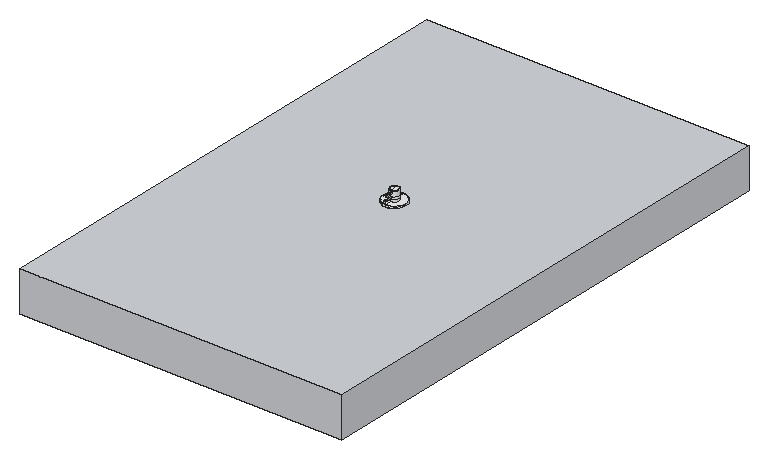
Revit family "Thermostatic_Trim-GROHE-Grohflex_Essence-19987_Series", category Plumbing Fixtures, host Face, Revit 2014
Parameters (values of type "19987001")
  Width = 6 11/16"  # constant formula
  Waste Connection = no
  Warranty Documentation Link = "https://cdn.cloud.grohe.com/tpi/1000/1900/1940/1949/1949006/original/1949006.pdf"
  WFU = 4  # constant formula
  Vent Connection = no
  URL = "https://www.grohe.us/"
  Type Comments = ""
  Tempered Connection Radius = Tempered Connection Diameter / 2  # 1/4"
  Tempered Connection Diameter = Hot Water Connection Diameter  # 1/2"
  Product Page URL = "https://www.grohe.us/en_us/single-function-thermostatic-trim-with-control-module-19987001.html"
  Price = "Prices may vary. Please consult Manufacturer Representative for most up-to-date price list."  # constant formula
  Model = "19987001"
  Material = "Metal-Grohe-001-Chrome"
  Manufacturer = "Grohe"
  Length = 3 1/2"  # constant formula
  Installation Type = "Wall Mounted"
  Hot Water Connection Radius = Hot Water Connection Diameter / 2  # 1/4"
  Hot Water Connection Diameter = Cold Water Connection Diameter  # 1/2"
  Height = 40"
  HWFU = 3  # constant formula
  HW Connection = yes
  Flow Rate = ""
  Finish = Metal-Grohe-001-Chrome
  Description = "GrohFlex Essence Single function thermostatic trim with control module"  # constant formula
  Default Elevation = 44"  # constant formula
  Creation Date = "06/30/2017"  # constant formula
  Cold Water Connection Radius = 1/4"  # constant formula
  Cold Water Connection Diameter = Cold Water Connection Radius * 2  # 1/2"
  CWFU = 3  # constant formula
  CW Connection = yes
  Assembly Code = "D2010710"
  ADA Compliant = yes
Types (2): name | Product Page URL | Model | Material | Finish
  19987001 | "https://www.grohe.us/en_us/single-function-thermostatic-trim-with-control-module-19987001.html" | "19987001" | "Metal-Grohe-001-Chrome" | Metal-Grohe-001-Chrome
  19987EN1 | "https://www.grohe.us/en_us/single-function-thermostatic-trim-with-control-module-19987EN1.html" | "19987EN1" | "Metal-Grohe-EN1-Brushed Nickel" | Metal-Grohe-EN1-Brushed Nickel
Reference planes (in)
  plane 1 "Center (Front/Back)": y = 0
  plane 2: z = 0
  plane 3 "Center (Left/Right)": x = 0
  plane 4: y = 40
  plane 5: y = -18
  plane 6: y = -39
  plane 7: x = -1.21875
  plane 8: x = 1.21875
  plane 9: x = -3.34375
  plane 10: x = 3.34375
  plane 11: z = 0.375
  plane 12: z = 4
  plane 13: y = 1.96875
  plane 14: y = -1.96875
  plane 15: z = 3.5
  plane 16: z = 0.8125
  plane 17: y = 92.5
  plane 18: through (0, -77.49972, 129.42836) normal (0, -1, -0.0001)
Forms (in)
  Extrusion 1, solid
    sketch origin (0, 0, 0) x (1, 0, 0) y (0, 1, 0)
      loop
        line (-48, 72) -> (-48, -79.70833) -> (48, -79.70833) -> (48, 72) -> (-48, 72)
    from 0 to -12
  Revolve 2, solid, material "Metal-Grohe-001-Chrome" <- "Finish"
    sketch origin (0, 0, 0) x (0, 1, 0) y (0, 0, 1)
      loop
        line (3.42542, 0) -> (3.39559, 0.34096)
        arc (3.39559, 0.34096) -> (3.37568, 0.38275) -> (3.33324, 0.40126) r 0.06616
        arc (3.33324, 0.40126) -> (2.29089, 0.44708) -> (1.24784, 0.47233) r 52.87889
        line (1.24784, 0.47233) -> (1.24784, 1.16368) -> (1.14855, 1.16368) -> (1.14855, 1.2233) -> (1.24784, 1.2233) -> (1.24784, 1.87924) -> (1.14855, 1.87924) -> (1.14855, 1.93885) -> (1.24784, 1.93885) -> (1.24784, 3.35175)
        arc (1.24784, 3.35175) -> (1.24196, 3.36892) -> (1.2268, 3.37889) r 0.02803
        arc (1.2268, 3.37889) -> (1.20109, 3.38462) -> (1.17506, 3.38865) r 0.3999
        line (1.17506, 3.38865) -> (1.17506, 3.3566) -> (1.14376, 3.3566) -> (1.16029, 3.39554)
        arc (1.16029, 3.39554) -> (0.58237, 3.47186) -> (0, 3.49736) r 6.6616
        line (0, 3.49736) -> (0, 0) -> (3.42542, 0)
      axis (0, 3.49736) -> (0, 0)
    angle from 0 to 360
  Revolve 3, solid, material "Metal-Grohe-001-Chrome" <- "Finish"
    sketch origin (0, 0.39062, 0.82813) x (0, 1, 0) y (0, 0, 1)
      loop
        line (-3.42432, 1.82031) -> (-0.53235, 1.82031) -> (-0.53235, 1.97907) -> (-2.42485, 1.97907)
        arc (-2.42485, 1.97907) -> (-2.55147, 1.98349) -> (-2.67747, 1.99673) r 1.81514
        line (-2.67747, 1.99673) -> (-2.77401, 2.0103)
        arc (-2.77401, 2.0103) -> (-2.82122, 2.01526) -> (-2.86865, 2.01692) r 0.68003
        line (-2.86865, 2.01692) -> (-3.40233, 2.01692)
        arc (-3.40233, 2.01692) -> (-3.41788, 2.01048) -> (-3.42432, 1.99492) r 0.02199
        line (-3.42432, 1.99492) -> (-3.42432, 1.82031)
      axis (-3.42432, 1.82031) -> (-0.53235, 1.82031)
    angle from 0 to 360
  Revolve 4, solid, material "Metal-Grohe-001-Chrome" <- "Finish"
    sketch origin (0, -0.53125, -0.28125) x (0, 1, 0) y (0, 0, 1)
      loop
        line (-3.42432, 1.82031) -> (0.43843, 1.82031) -> (0.43843, 1.97907) -> (-2.42485, 1.97907)
        arc (-2.42485, 1.97907) -> (-2.55147, 1.98349) -> (-2.67747, 1.99673) r 1.81514
        line (-2.67747, 1.99673) -> (-2.77401, 2.0103)
        arc (-2.77401, 2.0103) -> (-2.82122, 2.01526) -> (-2.86865, 2.01692) r 0.68003
        line (-2.86865, 2.01692) -> (-3.40233, 2.01692)
        arc (-3.40233, 2.01692) -> (-3.41788, 2.01048) -> (-3.42432, 1.99492) r 0.02199
        line (-3.42432, 1.99492) -> (-3.42432, 1.82031)
      axis (-3.42432, 1.82031) -> (0.43843, 1.82031)
    angle from 0 to 360
  Extrusion 5, solid, material "Metal-Grohe-001-Chrome" <- "Finish"
    sketch origin (0, 0, 0) x (1, 0, 0) y (0, 0, 1)
      loop
        circle (0, 2.42437) r 0.24527
    from -1.4536 to 0
  Extrusion 6, solid, material "Metal-Grohe-001-Chrome" <- "Finish"
    sketch origin (0, 0, 0) x (1, 0, 0) y (0, 1, 0)
      loop
        circle (-0.82581, 0) r 0.25
      loop
        circle (0.82581, 0) r 0.25
    from 0 to 0.0625
Cuts and joins
  joined: Revolve 2, Revolve 3, Revolve 4, Extrusion 5, Extrusion 6
Lines and regions (in)
  Masking region 1
    outline origin (0, 0, 0) x (1, 0, 0) y (0, 0, 1)
      loop
        line (3.42865, 0) -> (3.39196, 0.34903)
        arc (3.39196, 0.34903) -> (3.37392, 0.38551) -> (3.33646, 0.40143) r 0.05859
        arc (3.33646, 0.40143) -> (2.29238, 0.44386) -> (1.24784, 0.47253) r 79.34973
        line (1.24784, 0.47253) -> (1.24784, 1.1683) -> (1.14855, 1.1683) -> (1.14855, 1.22791) -> (1.24784, 1.22791) -> (1.24784, 1.8558) -> (1.14855, 1.8558) -> (1.14855, 1.91541) -> (1.24784, 1.91541) -> (1.24784, 3.35261)
        arc (1.24784, 3.35261) -> (1.24151, 3.3702) -> (1.22542, 3.37972) r 0.0276
        arc (1.22542, 3.37972) -> (0, 3.49603) -> (-1.22542, 3.37972) r 6.51379
        arc (-1.22542, 3.37972) -> (-1.24151, 3.3702) -> (-1.24784, 3.35261) r 0.0276
        line (-1.24784, 3.35261) -> (-1.24784, 1.91541) -> (-1.14855, 1.91541) -> (-1.14855, 1.8558) -> (-1.24784, 1.8558) -> (-1.24784, 1.22791) -> (-1.14855, 1.22791) -> (-1.14855, 1.1683) -> (-1.24784, 1.1683) -> (-1.24784, 0.47253)
        arc (-1.24784, 0.47253) -> (-2.29238, 0.44386) -> (-3.33646, 0.40143) r 79.34973
        arc (-3.33646, 0.40143) -> (-3.37392, 0.38551) -> (-3.39196, 0.34903) r 0.05859
        line (-3.39196, 0.34903) -> (-3.42865, 0) -> (3.42865, 0)
  symbolic lines, detail levels medium+fine
    curve 1: line (1.27909, 0, 0.47187) -> (-1.27909, 0, 0.47187)
  symbolic lines, detail levels fine
    curve 2: line (1.14855, 0, 1.91541) -> (-1.14855, 0, 1.91541)
    curve 3: line (1.14855, 0, 1.8558) -> (-1.14855, 0, 1.8558)
    curve 4: line (1.14855, 0, 1.22791) -> (-1.14855, 0, 1.22791)
    curve 5: line (1.14855, 0, 1.1683) -> (-1.14855, 0, 1.1683)
    curve 6: circle (0, 0, 2.42437) r 0.24527 normal (0, -1, 0)
Dimensions and locks (in)
  plane 1 "Center (Front/Back)" to plane 5 = 18"
  plane 5 to plane 6 = 21"
  plane 1 "Center (Front/Back)" to plane 4 = 40"
  plane 11 to level = 3/8"
  plane 12 to level = 4"
  level to plane 15 = 3 1/2"
  plane 16 to level = 13/16"
  "Hot Water Connection Diameter": diameter of Extrusion 6 sketch curve
  "Cold Water Connection Diameter": diameter of Extrusion 6 sketch curve
  aligned and locked: plane 2 to Extrusion 1
  aligned and locked: level to Extrusion 1
Automatic sketch dimensions
  curve 6 to plane 3 "Center (Left/Right)" = 0"
  plane 15 to curve 6 = 1.07563"
  plane 7 to curve 3 = 0.0702"
  plane 7 to curve 4 = 0.0702"
  curve 2 to curve 3 = 0"  (x2)
  curve 4 to curve 5 = 0"  (x2)
  curve 1 to plane 7 = 0.06034"
  plane 8 to curve 3 = 0.0702"
  plane 8 to curve 5 = 0.0702"
  curve 1 to plane 8 = 0.06034"
  plane 16 to curve 2 = 1.10291"
  curve 3 to curve 2 = 0.05961"
  plane 16 to curve 4 = 0.41541"
  curve 5 to curve 4 = 0.05961"
  curve 1 to plane 16 = 0.34063"
  Extrusion 1 sketch curve to Extrusion 1 sketch curve = 96"
  Extrusion 1 sketch curve to Extrusion 1 sketch curve = 151.70833"
  Revolve 2 sketch curve to plane 1 "Center (Front/Back)" = 0"  (x2)
  Revolve 2 sketch curve to level = 0"
  Revolve 2 sketch curve to plane 1 "Center (Front/Back)" = 0.48976"
  Revolve 2 sketch curve to plane 13 = 0.84172"
  plane 15 to Revolve 2 sketch curve = 0.1434"
  Revolve 2 sketch curve to Revolve 2 sketch curve = 0.01673"
  Revolve 2 sketch curve to plane 13 = 0.8202"
  plane 16 to Revolve 2 sketch curve = 0.35118"
  Revolve 2 sketch curve to Revolve 2 sketch curve = 0"
  plane 15 to Revolve 2 sketch curve = 0.10446"
  Revolve 2 sketch curve to Revolve 2 sketch curve = 0.01653"
  Revolve 2 sketch curve to Revolve 2 sketch curve = 0.03129"
  Revolve 2 sketch curve to Revolve 2 sketch curve = 0.04475"
  Revolve 2 sketch curve to Revolve 2 sketch curve = 0.09928"  (x2)
  Revolve 2 sketch curve to Revolve 2 sketch curve = 0.02803"
  plane 11 to Revolve 2 sketch curve = 0.09733"
  Revolve 2 sketch curve to plane 11 = 0.03981"
  plane 13 to Revolve 2 sketch curve = 1.36093"
  Revolve 2 sketch curve to plane 11 = 0.03404"
  Revolve 2 sketch curve to Revolve 2 sketch curve = 0.06591"
  Revolve 2 sketch curve to Revolve 2 sketch curve = 0.02983"
  Revolve 2 sketch curve to Revolve 2 sketch curve = 3.16423"
  Revolve 2 sketch curve to Revolve 2 sketch curve = 49.23689"
  Revolve 2 sketch curve to Revolve 2 sketch curve = 0.05961"  (x2)
  Revolve 2 sketch curve to Revolve 2 sketch curve = 0.65594"
  Revolve 2 sketch curve to Revolve 2 sketch curve = 0.36496"
  Revolve 2 sketch curve to Revolve 2 sketch curve = 0.00485"
  Revolve 2 sketch curve to Revolve 2 sketch curve = 0.00689"
  plane 12 to Revolve 2 sketch curve = 1.99585"
  Revolve 2 sketch curve to Revolve 2 sketch curve = 0.35576"
  plane 14 to Revolve 3 sketch curve = 1.06495"
  Revolve 3 sketch curve to Revolve 3 sketch curve = 0.02199"
  plane 14 to Revolve 3 sketch curve = 0.50928"
  Revolve 3 sketch curve to Revolve 3 sketch curve = 0.09464"
  Revolve 3 sketch curve to Revolve 3 sketch curve = 0.09654"
  plane 14 to Revolve 3 sketch curve = 0.06548"
  plane 1 "Center (Front/Back)" to Revolve 3 sketch curve = 0.14172"
  plane 15 to Revolve 3 sketch curve = 1.33499"
  plane 15 to Revolve 3 sketch curve = 109/128"
  plane 15 to Revolve 3 sketch curve = 0.69281"
  Revolve 3 sketch curve to Revolve 3 sketch curve = 0.17462"
  Revolve 3 sketch curve to Revolve 3 sketch curve = 0.01357"
  Revolve 3 sketch curve to Revolve 3 sketch curve = 0.32951"
  Revolve 3 sketch curve to plane 1 "Center (Front/Back)" = 0.20822"
  Revolve 3 sketch curve to Revolve 3 sketch curve = 0"
  Masking region 1 sketch curve to level = 0"
  Masking region 1 sketch curve to plane 3 "Center (Left/Right)" = 0"
  Masking region 1 sketch curve to plane 3 "Center (Left/Right)" = 0.40729"
  plane 7 to Masking region 1 sketch curve = 0.0702"  (x2)
  Masking region 1 sketch curve to plane 7 = 0.00148"
  Masking region 1 sketch curve to plane 7 = 0.02909"  (x3)
  plane 9 to Masking region 1 sketch curve = 0.01005"
  Masking region 1 sketch curve to plane 9 = 0.04821"
  Masking region 1 sketch curve to plane 9 = 0.0849"
  plane 3 "Center (Left/Right)" to Masking region 1 sketch curve = 0.40729"
  plane 8 to Masking region 1 sketch curve = 0.0702"  (x2)
  Masking region 1 sketch curve to plane 8 = 0.00148"
  Masking region 1 sketch curve to plane 8 = 0.02909"  (x3)
  plane 10 to Masking region 1 sketch curve = 0.01005"
  Masking region 1 sketch curve to plane 10 = 0.04821"
  Masking region 1 sketch curve to plane 10 = 0.0849"
  Masking region 1 sketch curve to level = 3.01777"
  Masking region 1 sketch curve to Masking region 1 sketch curve = 75.84217"
  Masking region 1 sketch curve to Masking region 1 sketch curve = 0"  (x2)
  level to Masking region 1 sketch curve = 0.34291"  (x2)
  Masking region 1 sketch curve to Masking region 1 sketch curve = 0.00612"  (x2)
  Masking region 1 sketch curve to plane 16 = 0.33997"  (x2)
  plane 16 to Masking region 1 sketch curve = 0.3558"  (x2)
  Masking region 1 sketch curve to Masking region 1 sketch curve = 0.05961"  (x4)
  Masking region 1 sketch curve to Masking region 1 sketch curve = 0.62789"  (x2)
  plane 15 to Masking region 1 sketch curve = 0.14739"  (x2)
  plane 14 to Revolve 4 sketch curve = 1.98682"
  Revolve 4 sketch curve to Revolve 4 sketch curve = 0.02199"
  Revolve 4 sketch curve to Revolve 4 sketch curve = 0.53367"
  Revolve 4 sketch curve to Revolve 4 sketch curve = 0.09464"
  Revolve 4 sketch curve to Revolve 4 sketch curve = 0.09654"
  Revolve 4 sketch curve to plane 15 = 0.01296"
  plane 14 to Revolve 4 sketch curve = 0.98735"
  plane 1 "Center (Front/Back)" to Revolve 4 sketch curve = 0.09282"
  plane 16 to Revolve 4 sketch curve = 0.92317"
  Revolve 4 sketch curve to Revolve 4 sketch curve = 0.00662"
  Revolve 4 sketch curve to Revolve 4 sketch curve = 0.01357"
  Revolve 4 sketch curve to Revolve 4 sketch curve = 0.17462"
  Revolve 4 sketch curve to plane 14 = 0.57565"
  Revolve 4 sketch curve to Revolve 4 sketch curve = 0.62083"
  Revolve 4 sketch curve to Revolve 4 sketch curve = 0"
  Extrusion 5 sketch curve to plane 3 "Center (Left/Right)" = 0"
  plane 15 to Extrusion 5 sketch curve = 1.07563"
  plane 1 "Center (Front/Back)" to Extrusion 6 sketch curve = 0"  (x2)
  plane 7 to Extrusion 6 sketch curve = 0.39294"
  plane 8 to Extrusion 6 sketch curve = 0.39294"
  radius of curve 6 = 0.24527"
  radius of Extrusion 5 sketch curve = 0.24527"
Connectors (in)
  piping at (-0.82581, 0, 0), diameter 0.5, driven by "Hot Water Connection Diameter"
    settings: on Extrusion 6, index 1, connector inside diameter 24", connector length 0", flow factor 0, pipe flow 0 GPM, pressure drop 0.00 psi, fitting loss kfactor 0, connector angle 0.00°, fixture units 0, engagement length 0", angle of deflection 0.00°, flow configuration 3, flow direction 1, fitting loss method 0, system type 19, joint type 0, gender type 0, connector reference index -1, connector utility 0, adjustable connector no, is connector primary yes, connector description "1/2\" NPT HW Inlet"
  piping at (0.82581, 0, 0), diameter 0.5, driven by "Cold Water Connection Diameter"
    settings: on Extrusion 6, index 2, connector inside diameter 24", connector length 0", flow factor 0, pipe flow 0 GPM, pressure drop 0.00 psi, fitting loss kfactor 0, connector angle 0.00°, fixture units 0, engagement length 0", angle of deflection 0.00°, flow configuration 3, flow direction 1, fitting loss method 0, system type 20, joint type 0, gender type 0, connector reference index -1, connector utility 0, adjustable connector no, is connector primary no, connector description "1/2\" NPT CW Inlet"
